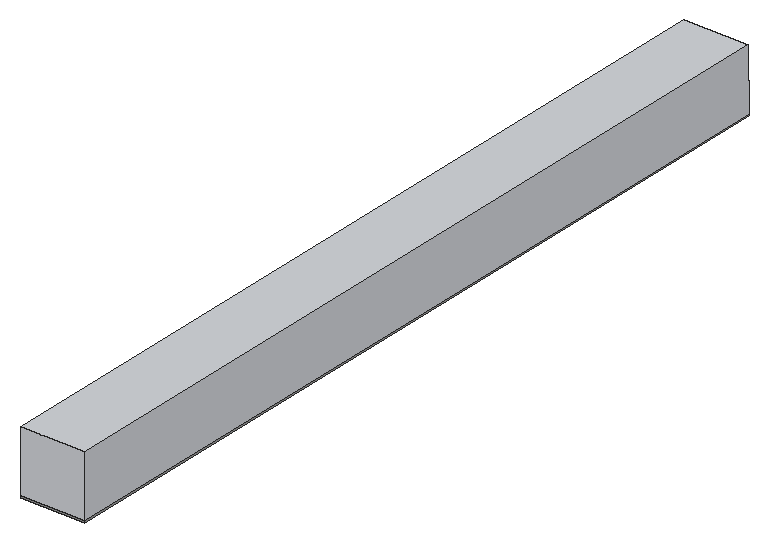
Revit family "ERK9554W_RAD767N", category 照明器具, Revit 2020
Family settings
  丸型コネクタ寸法 = 直径を使用
  パーツ タイプ = 標準
  OmniClass 番号 = 23.80.70.11.14.17
  OmniClass タイトル = Direct/Indirect
  作業面ベース = いいえ
  常に垂直 = いいえ
  ロード時にボイドで切り取り = いいえ
  光源 = いいえ
  共有 = いいえ
  部屋計算ポイント = いいえ
Parameters (values of type "ERK9554W_RAD767N")
  電源種別_記号 = "AC"
  電源種別 = ""
  防災用照明器具電源種別 = ""
  防災用照明器具種類 = ""
  運転質量 = 0.00 kg
  質量 = 0.00 kg
  負荷分類 = 8_照明
  積算_科目2 = "[1_1]照明"
  説明 = "ベースライト ウォールウォッシャー 40Wタイプ"
  誘導灯形式 = ""
  誘導灯仕様 = ""
  認定番号 = ""
  設置方法 = ""
  記号 = ""
  製造元 = "株式会社遠藤照明"
  製品質量 = 0.00 kg
  製品出荷対象 = ""
  製品リリース年月 = "2023.04"
  製品グループ = ""
  背面形式 = ""
  系統 [instance] = ""
  符号 = ""
  積算_科目 = "1 電灯設備"
  積算_拾い区分 = ""
  種別 [instance] = ""
  相 = 1
  皮相負荷 = 0 VA
  用途 = "E_一般照明"
  特殊仕様 [instance] = ""
  照明制御装置の種類 = ""
  法定耐用年数 = ""
  極数 = 1
  材質_本体 = none
  材質_反射板 = none
  材質_ルーバー = none
  材質_カバー = none
  材質 = ""
  既定の高さ = 0 mm
  形式 = "学校"
  平均演色評価数(Ra) = 82
  定格消費電力 = 30.9 W
  定格入力電流 = 0 A
  定格入力電圧 = 0 V
  定格入力容量 = 0 VA
  定格光束 = 4956 lm
  安定器_蛍光灯 = ""
  安定器_定格電圧 = 0 V
  安定器_入力電流 = 0 A
  安定器_入力電力 = 0 W
  安定器_二次電圧 = 0 V
  埋込高さ = "0"
  埋込穴寸法 = "0"
  固有エネルギー消費効率(lm/W) = 160.3
  器具サイズ = ""
  呼称 = "学校"
  周波数 = 0 Hz
  参照している仕様書等のバージョン = ""
  分類コード = "40305100000000"
  分類グループ = ""
  公共型番 = "LSS13-4-45"
  価格 = 46500
  企業コード = "6932"
  付属品 = ""
  仕様書バージョン = ""
  仕様 = ""
  ランプの種類 = "LED"
  ランプ_電流 = 0 A
  ランプ_本数 = 0
  ランプ_定格消費電力 = 0 W
  ランプ_定格消費効率(lm/W) = 0
  ランプ_大きさ = ""
  ランプ_全光束 = 0 lm
  ランプ = "LED"
  モデル = "ERK9554W_RAD767N"
  イメージ(タイプ) = <なし>
  シンボル表示 = yes
  サービススペース表示 = no
  コメント = ""
  グレア分類 = ""
  Keynote = ""
  カバー形状 = ""
  tilte [instance] = 0.00°
  diameter = 0 mm
  Width = 95 mm
  Version = ""
  Uniclass2015Version = ""
  Uniclass2015Title = ""
  Uniclass2015Code = ""
  URL = "https://www.endo-lighting.co.jp/"
  SpecificationReference = ""
  SpecificationDescription = ""
  Revision = ""
  ProductInformation = ""
  OmniClassCode = "23.80.70.11.14.17"
  LED制御装置 = ""
  IfcTypeProduct = ""
  IfcProduct = ""
  IfcExportType = ""
  IfcExportAs = "IfcLightFixtureType"
  Height = 92 mm
  Depth = 1225 mm
  Clearance Top = 0 mm
  Clearance Right = 0 mm
  Clearance Left = 0 mm
  Clearance Front = 0 mm
  Clearance Bottom = 0 mm
  Clearance Back = 0 mm
  Author = "遠藤照明"
Reference planes
  plane 1 "光源軸(正面/背面)": y = 0
  plane 2: z = 0
  plane 3 "光源軸(左/右)": x = 0
  plane 4 "光源高さ": z = -5
  plane 5: z = 0
  plane 6: x = 47.5
  plane 7: x = -47.5
  plane 8: y = 612.5
  plane 9: y = -612.5
Lines and regions (mm)
  symbolic lines, detail levels fine
    curve 1: line (-47.5, -612.5, 0) -> (47.5, -612.5, 0)
    curve 2: line (-47.5, 612.5, 0) -> (-47.5, -612.5, 0)
    curve 3: line (47.5, 612.5, 0) -> (-47.5, 612.5, 0)
    curve 4: line (47.5, -612.5, 0) -> (47.5, 612.5, 0)
Dimensions and locks
  equal spacing: plane 9, plane 1 "光源軸(正面/背面)", plane 8
  "Depth": plane 9 to plane 8
  equal spacing: plane 7, plane 3 "光源軸(左/右)", plane 6
  "Width": plane 7 to plane 6
  aligned and locked: level to plane 2
  aligned and locked: plane 9 to curve 1
  aligned and locked: curve 2 to plane 7
  aligned and locked: curve 3 to plane 8
  aligned and locked: plane 6 to curve 4
Nested families
  nested 1: "line_001_001" at (0, 0, 0) x (1, 0, 0) z (0, -1, 0), type "line_001_001"
    with width 95 mm, tilte 0.00°, height 92 mm, depth 1225 mm
  nested 2: "ies_com_90_r2" at (0, 0, -103) x (0.0003, 1, 0) z (0, 0, -1), type "ies_com_90_r2"
  nested 3: "symbol_line" at (0, 0, 0) x (0, -1, 0) z (0, 0, 1), visible <- "シンボル表示", type "1/100", detail levels coarse+medium
Connectors
  electrical at (0, 0, 0), driven by "極数", driven by "負荷分類", driven by "定格入力電圧", driven by "皮相負荷"
    settings: on nested 1, index 1, voltage 0 V, apparent load 0 VA, apparent load phase1 0 VA, apparent load phase2 0 VA, apparent load phase3 0 VA, power factor 1, load classification "8_照明", number of poles 1, system type 30, power factor state 1, is connector primary yes, connector utility no, sub classification motor no, connector description ""
Definition of nested family "line_001_001"
  Parameters (values of type "line_001_001")
    Default Elevation = 1219.2 mm
    width = 80 mm
    tilte = 30.00°
    height = 50 mm
    depth = 1200 mm
  Reference planes
    plane 1 "中心(正面/背面)": y = 0
    plane 2: z = 0
    plane 3 "中心(左/右)": x = 0
  Dimensions and locks
    "tilte": angle nested 1 to plane 3 "中心(左/右)"
    aligned and locked: level to plane 2
  Nested families
    nested 1: "line_001" at (0, 0, 0) x (0.5, 0.866, 0) z (0, 0, 1), type "line_001"
      with ｌ 60 mm, width 80 mm, height 50 mm, depth 1200 mm
  Definition of nested family "line_001"
    Parameters (values of type "line_001")
      ｌ = height + 10 mm  # 30 mm
      Default Elevation = 0 mm
      width = 50 mm
      height = 20 mm
      depth = 900 mm
    Reference planes
      plane 1 "中心(正面/背面)": y = 0
      plane 2: z = 0
      plane 3 "中心(左/右)": x = 0
      plane 4: x = -20
      plane 5: y = 25
      plane 6: y = -25
      plane 7: z = 450
      plane 8: z = -450
      plane 9: x = -30
      plane 10: y = 1
      plane 11: y = -1
      plane 12: x = -31
    Forms (mm)
      Extrusion 1, solid
        sketch origin (0, 0, 0) x (1, 0, 0) y (0, 1, 0)
          loop
            line (-20, -25) -> (0, -25) -> (0, 25) -> (-20, 25) -> (-20, -25)
        from -450 to 450
      Extrusion 2, solid
        sketch origin (-20, 25, 0) x (0, -1, 0) y (0, 0, 1)
          loop
            line (0, -450) -> (50, -450) -> (50, 450) -> (0, 450) -> (0, -450)
        from 0 to 2
      Extrusion 3, solid
        sketch origin (0, 0, 0) x (1, 0, 0) y (0, 1, 0)
          loop
            line (-31, -1) -> (-30, -1) -> (-30, 1) -> (-31, 1) -> (-31, -1)
        from -1 to 1
    Dimensions and locks
      "height": plane 4 to plane 3 "中心(左/右)"
      equal spacing: plane 6, plane 1 "中心(正面/背面)", plane 5
      "width": plane 6 to plane 5
      equal spacing: plane 7, level, plane 8
      "depth": plane 7 to plane 8
      locked: plane 12 to plane 9 at 1
      "ｌ": plane 9 to plane 3 "中心(左/右)"
      equal spacing: plane 11, plane 1 "中心(正面/背面)", plane 10
      plane 11 to plane 10 = 2 mm
      Extrusion 3 sketch curve to Extrusion 3 sketch curve = 1 mm
      aligned and locked: level to plane 2
      aligned and locked: plane 6 to Extrusion 1 sketch curve
      aligned and locked: Extrusion 1 sketch curve to plane 4
      aligned and locked: Extrusion 1 sketch curve to plane 5
      aligned and locked: plane 3 "中心(左/右)" to Extrusion 1 sketch curve
      aligned and locked: Extrusion 2 sketch curve to Extrusion 1  (x2)
      aligned and locked: plane 7 to Extrusion 1
      aligned and locked: Extrusion 2 to plane 8
      aligned and locked: Extrusion 1 to plane 8
      aligned and locked: plane 11 to Extrusion 3 sketch curve
      aligned and locked: Extrusion 3 sketch curve to plane 10
      aligned and locked: plane 9 to Extrusion 3 sketch curve
    Automatic sketch dimensions
      Extrusion 2 sketch curve to Extrusion 1 = 0 mm  (x2)
Definition of nested family "ies_com_90_r2"
  Parameters (values of type "ies_com_90_r2")
    built-in parameter 1150110 = 1 (stored number, unit not read)
    built-in parameter 1150133 = 10 (stored number, unit not read)
    Dimming Lamp Color Temperature Shift = (empty or 0)
    built-in parameter 1150104 = 13.8 (stored number, unit not read)
    built-in parameter 1150115 = 1 (stored number, unit not read)
    built-in parameter 1150137 = (empty or 0)
    built-in parameter 1150106 = 1.0982 (stored number, unit not read)
    built-in parameter 1150134 = (empty or 0)
    built-in parameter 1150109 = 1 (stored number, unit not read)
    Default Elevation = 1219.2 mm
    built-in parameter 1114218 = 1 (stored number, unit not read)
    built-in parameter 1114217 = 1 (stored number, unit not read)
    built-in parameter 1150102 = (empty or 0)
    built-in parameter 1150107 = 4100 (stored number, unit not read)
    built-in parameter 1150138 = (empty or 0)
    built-in parameter 1150132 = 2
    Lumens = 1380 lm
    built-in parameter 1150105 = 109.82 (stored number, unit not read)
    Tilt Angle = -90.00°
    built-in parameter 1150139 = (empty or 0)
    Wattage = 9.2903 W
    built-in parameter 1150112 = 1 (stored number, unit not read)
    built-in parameter 1150114 = 1 (stored number, unit not read)
    Photometric Web File = "ERK9993WA_1S_30_20_MID(FAD621L).ies"
    built-in parameter 1150113 = 1 (stored number, unit not read)
    Color Filter = 16777215
    built-in parameter 1150142 = "IESNA:LM-63-2002\r\n[TEST] ERK9993WA_FAD621L  NBB3P\r\n[MANUFAC] ENDO LIGHTING CORP.\r\n[LUMCAT] ERK9993WA_FAD621L\r\n[LAMP]??Æ±32_LED_3000K 3000K\r\n[LAMPCAT] ØÆ±32_LED_3000K 2591 lm x1 3000K\r\nTILT=NONE\r\n1 2591 1.0 19 19 1 2 0 0 0\r\n1 1 0\r\n        0        5       10       15       20       25       30       35       40       45       50       55       60       65       70       75       80       85      90\r\n        0        5       10       15       20       25       30       35       40       45       50       55       60       65       70       75       80       85      90\r\n755.6278 760.5407 773.7932 777.5606 765.605 724.5507 665.9748 597.876 521.2388 437.0572 346.6185 257.7607 181.2749 126.8262\r\n96.4402 69.6418 44.5757 20.5697 0.2934\r\n755.6278 760.5407 773.6322 777.3808 765.5104 724.759 666.4765 598.4818 522.0908 438.2026 347.9816 259.0386 182.1742 127.2238\r\n96.6295 69.7554 44.6514 20.5981 0.2934\r\n755.6278 760.3419 772.9412 776.4531 765.2926 725.4027 667.6976 600.1478 524.3721 441.2128 351.5125 262.4464 184.6827 128.3408\r\n96.9513 69.9825 44.7839 20.6549 0.284\r\n755.6278 759.9727 771.9567 774.948 764.6963 725.9801 669.1649 602.2588 527.5053 445.7281 357.1826 268.0692 188.8478 130.1393\r\n97.3678 70.2192 44.9354 20.7496 0.3029\r\n755.6278 759.5278 770.5463 773.0643 763.8065 726.9456 671.6923 605.7044 532.2478 451.9946 364.7839 275.8314 194.8966 132.9318\r\n98.0021 70.6168 45.1247 20.8632 0.3124\r\n755.6278 758.9125 768.5679 770.4138 762.1215 727.8071 674.6173 610.0304 538.2588 460.0218 374.8368 286.3103 203.1889 137.1821\r\n98.9297 71.1942 45.4465 21.0241 0.3313\r\n755.6278 758.2878 766.3718 767.3941 759.5089 728.3466 677.5423 614.5552 544.6105 468.8821 386.2623 299.0611 214.1789 143.5054\r\n100.1225 71.9136 45.7873 21.2324 0.3597\r\n755.6278 757.6441 763.5793 763.8349 755.4479 727.9301 680.0319 619.061 550.8202 477.5814 398.0476 313.1939 227.6207 152.6307\r\n101.9115 72.7182 46.1754 21.4406 0.3786\r\n755.6278 756.9246 760.6069 759.9632 750.0902 726.567 682.0482 623.7183 557.0489 486.1008 409.7098 327.9799 243.1167 164.3023\r\n106.1429 73.769 46.5919 21.6489 0.407\r\n755.6278 756.1674 757.4169 755.6751 743.7574 723.5379 683.3639 628.5176 563.8645 494.9516 421.4193 343.2013 260.449 179.1735\r\n113.1951 75.1699 47.122 21.895 0.4354\r\n755.6278 755.3533 753.9996 750.4404 737.0743 717.65 682.8906 632.2283 570.6422 503.6698 433.0436 358.2144 278.5292 196.8939\r\n124.5922 77.2146 47.974 22.179 0.4638\r\n755.6278 754.7285 750.7812 744.7986 730.7605 709.1211 679.3503 633.7334 576.265 511.6876 443.3711 371.8929 296.2212 216.6401\r\n140.3248 81.2566 49.1951 22.4913 0.4922\r\n755.6278 753.9239 747.7142 738.5321 723.5852 699.7781 671.0675 631.9159 579.7201 518.967 452.6005 383.8106 311.7361 236.1307\r\n159.6639 90.6943 51.0978 22.87 0.5112\r\n755.6278 753.2802 745.0731 732.3413 714.9332 690.6528 658.9983 623.2734 578.0257 522.6493 460.126 393.1915 324.1177 252.5638\r\n179.3249 106.105 54.0228 23.2865 0.5301\r\n755.6278 752.6933 742.9149 726.8794 706.0825 680.0508 647.5255 608.8566 567.1303 519.2036 462.7859 400.2437 333.0253 264.4153\r\n195.3131 123.9864 60.3556 23.9586 0.5396\r\n755.6278 752.2389 741.2205 723.0172 698.6232 669.5814 635.7118 597.043 552.7324 505.705 456.3679 400.8401 338.9889 272.6508\r\n205.9529 138.6872 73.3146 25.7098 0.549\r\n755.6278 751.8887 739.8952 720.1112 693.3128 660.6359 623.1598 581.8689 537.0755 489.7453 438.9788 385.8742 331.6243 273.0389\r\n210.6765 145.3323 83.6894 29.3258 0.5585\r\n755.6278 751.652 739.0527 718.2653 690.0186 655.5905 615.7384 571.3237 523.0658 472.6306 420.2266 366.6108 311.4332 254.7221\r\n197.1495 139.8326 83.3391 32.0899 0.5585\r\n755.6278 751.5101 738.6268 717.4701 688.7501 653.7068 613.2015 568.1337 519.0522 467.3675 413.4299 357.7317 300.5378 242.0281\r\n183.7834 125.3306 70.683 26.8173 0.5585\r\n"
    tilte = 0.00°
    Width = 0 mm
    Height = 0 mm
    Depth = 0 mm
  Reference planes
    plane 1 "中心(正面/背面)": y = 0
    plane 2: z = 0
    plane 3 "中心(左/右)": x = 0
  Forms (mm)
    Extrusion 1, solid
      sketch origin (0, 0, 0) x (1, 0, 0) y (0, 1, 0)
        loop
          line (-1219.2, 1219.2) -> (-1219.2, -1219.2) -> (1219.2, -1219.2) -> (1219.2, 1219.2) -> (-1219.2, 1219.2)
      from 0 to -304.8
  Dimensions and locks
    aligned and locked: plane 2 to Extrusion 1
    aligned and locked: level to Extrusion 1
Definition of nested family "symbol_line"
  Parameters (values of type "1/100")
    縮尺倍率 = if([縮尺1/50], 1.25, if([縮尺1/100], 1, if([縮尺1/200], 0.8, 0)))  # 1
    縮尺1/50 = no
    縮尺1/200 = no
    縮尺1/100 = yes
    W = 12 mm * 縮尺倍率  # 12 mm
    D = 1.5 mm * 縮尺倍率  # 1.5 mm
  Reference planes
    plane 1: y = 0
    plane 2: x = 0
  Lines and regions (mm)
    Masking region 1
      outline origin (0, 0, 0) x (1, 0, 0) y (0, 1, 0)
        loop
          line (-6, 0.75) -> (-6, -0.75) -> (6, -0.75) -> (6, 0.75) -> (-6, 0.75)
    reference lines
      curve 1: line (-304.8, 0.75, 0) -> (304.8, 0.75, 0)
      curve 2: line (304.8, -0.75, 0) -> (-304.8, -0.75, 0)
      curve 3: line (-6, -304.8, 0) -> (-6, 304.8, 0)
      curve 4: line (6, 304.8, 0) -> (6, -304.8, 0)
      curve 5: line (-6, 0.75, 0) -> (6, 0.75, 0)
      curve 6: line (-6, -0.75, 0) -> (-6, 0.75, 0)
      curve 7: line (6, 0.75, 0) -> (6, -0.75, 0)
    detail lines
      curve 8: line (-6, 0.75, 0) -> (6, 0.75, 0)
      curve 9: line (-6, -0.75, 0) -> (-6, 0.75, 0)
      curve 10: line (6, 0.75, 0) -> (6, -0.75, 0)
      curve 11: line (6, -0.75, 0) -> (-6, -0.75, 0)
  Dimensions and locks
    equal spacing: curve 2, plane 1, curve 1, locked at 0.75 each
    equal spacing: curve 3, plane 2, curve 4, locked at 6 each
    "W": curve 3 to curve 4
    "D": curve 2 to curve 1
    aligned and locked: curve 1 to curve 5
    aligned and locked: curve 3 to curve 6
    aligned and locked: curve 4 to curve 7
    aligned and locked: curve 9 to curve 6
    aligned and locked: curve 10 to curve 7
    aligned and locked: curve 1 to curve 8
    aligned and locked: curve 2 to curve 11
    aligned and locked: Masking region 1 sketch curve to curve 8
    aligned and locked: Masking region 1 sketch curve to curve 10
    aligned and locked: Masking region 1 sketch curve to curve 11
    aligned and locked: Masking region 1 sketch curve to curve 9
  Automatic sketch dimensions
    curve 1 to curve 5 = 298.8 mm
    curve 2 to curve 1 = 0 mm  (x2)
    curve 5 to curve 1 = 298.8 mm
    curve 4 to curve 7 = 304.05 mm
    curve 3 to curve 4 = 0 mm  (x2)
    curve 5 to curve 3 = 304.05 mm
